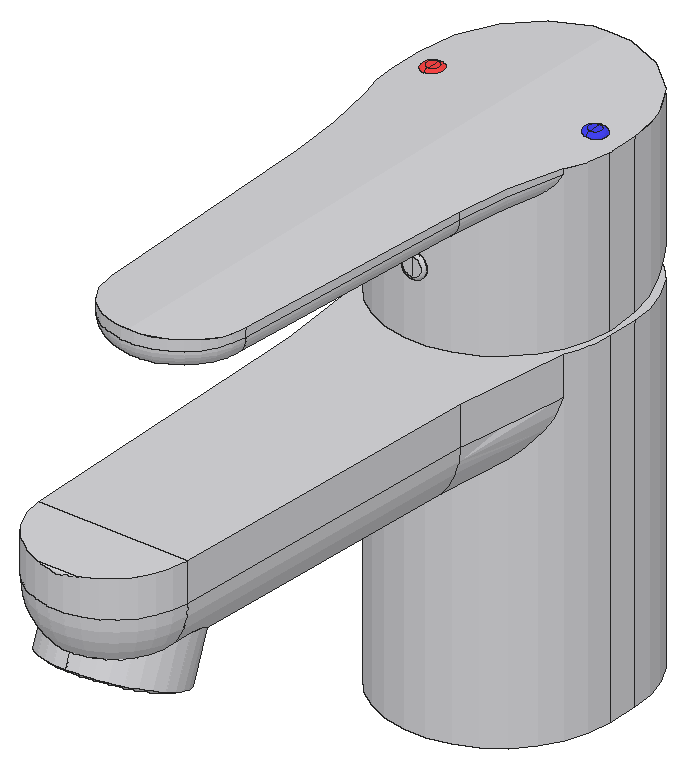
Revit family "Faucet-Lavatory-KOHLER-July-K-16027BR_1", category Plumbing Fixtures, host Face, Revit 2017
Family settings
  Host = Face
  Round Connector Dimension = Use Diameter
  Part Type = Normal
  OmniClass Number = 23.31.11.00
  Cut with Voids When Loaded = No
  Shared = No
  Room Calculation Point = No
Parameters (values of type "CP-Polished Chrome")
  Width = 1 7/8"  # constant formula
  WaterSense Certified = 1 = 0  # no
  Waste Water Outlet = "Waste Water Outlet"  # constant formula
  Waste Connection = 1 = 0  # no
  Vent Connection = 1 = 0  # no
  URL = "https://br.kohler.com/"
  Type = 1
  Spout Reach = 4 11/32"  # constant formula
  Product Page URL = "https://br.kohler.com/product-detail/16027br-4nd?skuid=K-16027BR-4ND-CP"
  Product Name = "July"  # constant formula
  Product Documentation Link = "http://resources.kohler.com/plumbing/kohlerbrazil/pdf/K-16027BR-4ND_spec_br.pdf"
  Pressure = 0.00 psi
  Model = "K-16027BR-4ND-CP"  # constant formula
  Material = "Premium Metal Construction"  # constant formula
  Master Format 2014 Name = "Residential Faucets, Supplies, and Trim"  # constant formula
  Master Format 2014 = "22 41 39"  # constant formula
  Manufacturer Address = "Rio de Janeiro MULTIREPAROS RUA BATISTA DA COSTA, Nº 352 | STORE B Rio de Janeiro SÃO GONÇALO 24450-470"  # constant formula
  Manufacturer = "KOHLER Co."  # constant formula
  Length = Spout Reach  # 4 11/32"
  Hot Water Inlet = "Hot Water Inlet"  # constant formula
  Height = 4 125/256"  # constant formula
  Handle Clearance = 4 11/64"  # constant formula
  HW Connection = 1 = 1  # yes
  Flow Rate = 0 GPM
  Finish = Kohler-Metal-CP-Polished_Chrome
  Environmental Product Declaration = ""
  Drain Included = 1 = 0  # no
  Description = "Countertop mixer tap"  # constant formula
  Default Elevation = 36"
  Declare Label = ""
  Date Modified = "08/27/2020"  # constant formula
  Date Created = "08/27/2020"  # constant formula
  Copyright = "Copyright KOHLER Co."  # constant formula
  Contact Us = "https://br.kohler.com/asr-listing"
  Cold Water Inlet = "Cold Water Inlet"  # constant formula
  CW Connection = 1 = 1  # yes
  Assembly Code = "D2010"
  ADA Compliant = 1 = 0  # no
Reference planes
  plane 1 "Center (Front/Back)": y = 0
  plane 2: z = 0
  plane 3 "Center (Left/Right)": x = 0
  plane 4: y = 27.384
  plane 5: y = -27.384
  plane 6: y = -110.331
  plane 7: x = 23.813
  plane 8: x = -23.812
  plane 9: z = 114.002
  plane 10: z = 48.913
  plane 11: y = -105.966
  plane 12: y = -125.787
  plane 13: x = -12.299
  plane 14: x = 12.299
  plane 15: z = 76.103
Dimensions and locks
  "Width": plane 8 to plane 7
  "Length": plane 6 to plane 1 "Center (Front/Back)"
  "Spout Reach": plane 1 "Center (Front/Back)" to plane 6
  "Handle Clearance": plane 11 to plane 1 "Center (Front/Back)"
  "Height": plane 9 to level
  plane 10 to level = 1.92569"
  aligned and locked: plane 2 to host face
  aligned and locked: level to host face
  aligned and locked: level to nested 1
Automatic sketch dimensions
  host sketch curve to host sketch curve = 96"  (x2)
Nested families
  nested 1: "K-16027BR" at (0, 0, -24.906), type "K-16027BR"
Connectors
  piping at (-12.299, 0, 0), diameter 12.7, driven by "Flow Rate", driven by "Pressure", driven by "HW Connection", driven by "Hot Water Inlet"
    settings: on nested 1, index 1, connector inside diameter 24", connector length 0", flow factor 0, pipe flow 0 GPM, pressure drop 0.00 psi, fitting loss kfactor 0, connector angle 0.00°, fixture units 0, engagement length 0", angle of deflection 0.00°, flow configuration 0, flow direction 1, fitting loss method 0, system type 19, joint type 0, gender type 0, connector reference index -1, connector utility 1, adjustable connector no, is connector primary yes, connector description "Hot Water Inlet"
  piping at (12.299, 0, 0), diameter 12.7, driven by "Flow Rate", driven by "Pressure", driven by "CW Connection", driven by "Cold Water Inlet"
    settings: on nested 1, index 2, connector inside diameter 24", connector length 0", flow factor 0, pipe flow 0 GPM, pressure drop 0.00 psi, fitting loss kfactor 0, connector angle 0.00°, fixture units 0, engagement length 0", angle of deflection 0.00°, flow configuration 0, flow direction 1, fitting loss method 0, system type 20, joint type 0, gender type 0, connector reference index -1, connector utility 1, adjustable connector no, is connector primary no, connector description "Cold Water Inlet"
Definition of nested family "K-16027BR"
  Parameters (values of type "K-16027BR")
    Material = none
  Reference planes
    plane 1 "Center (Front/Back)": y = 0
    plane 2: z = 0
    plane 3 "Center (Left/Right)": x = 0
    plane 4: y = -110.331
    plane 5: z = 138.906
    plane 6: x = 23.813
    plane 7: x = -23.812
    plane 8: z = 73.819
    plane 9: y = 27.384
    plane 10: y = -27.384
    plane 11: x = -12.299
    plane 12: z = 24.906
  Forms (mm)
    Revolve 1, solid, material <- "Material", detail levels medium+fine
      sketch origin (0, 0, 23.222) x (0, -1, 0) y (0, 0, 1)
        loop
          line (-24.939, 77.285) -> (-4.621, 77.285) -> (-4.621, 90.161) -> (-21.389, 90.161) -> (-22.393, 88.151)
          arc (-22.393, 88.151) -> (-24.028, 83.868) -> (-24.795, 79.349) r 23.355
          line (-24.795, 79.349) -> (-24.939, 77.285)
        axis (-4.621, 90.161) -> (-4.621, 77.285)
      angle from 0 to 360
    Extrusion 2, void
      sketch origin (0, -0.397, 23.123) x (0, -1, 0) y (0, 0, 1)
        loop
          line (-29.496, 90.459) -> (-29.496, 77.886) -> (28.588, 77.886) -> (28.588, 78.938) -> (2.454, 78.938)
          arc (2.454, 78.938) -> (-4.618, 79.713) -> (-11.356, 82) r 32.677
          line (-11.356, 82) -> (-29.496, 90.459)
        loop
          arc (109.603, 77.886) -> (117.194, 77.705) -> (124.767, 77.162) r 159.131
          arc (124.767, 77.162) -> (125.211, 76.94) -> (125.39, 76.477) r 0.688
          line (125.39, 76.477) -> (125.39, 73.176) -> (130.39, 73.176) -> (130.39, 83.176) -> (104.292, 83.176) -> (104.292, 77.886) -> (109.603, 77.886)
      from -33.139 to 33.857
    Extrusion 3, solid, material <- "Material", detail levels medium+fine
      sketch origin (0, 0, 0) x (0, -1, 0) y (1, 0, 0)
        loop
          line (3.521, 23.812) -> (-3.521, 23.812)
          arc (-3.521, 23.812) -> (-27.333, 0) -> (-3.521, -23.812) r 23.812
          line (-3.521, -23.812) -> (3.521, -23.812)
          arc (3.521, -23.812) -> (27.333, 0) -> (3.521, 23.812) r 23.812
      from 24.906 to 147.259
    Extrusion 4, solid, material <- "Material", detail levels medium+fine
      sketch origin (0, 0.794, 23.222) x (0, -1, 0) y (1, 0, 0)
        loop
          arc (37.997, 17.721) -> (23.802, 19.408) -> (9.941, 22.898) r 111.483
          arc (9.941, 22.898) -> (26.636, 0) -> (9.941, -22.898) r 24.05
          arc (9.941, -22.898) -> (23.802, -19.408) -> (37.997, -17.721) r 111.483
          line (37.997, -17.721) -> (92.775, -14.752)
          arc (92.775, -14.752) -> (106.749, 0) -> (92.775, 14.752) r 14.774
          line (92.775, 14.752) -> (37.997, 17.721)
      from 108.702 to 124.036
    Sweep 5, void
      path origin (0, 0.794, 23.222) x (0, -1, 0) y (1, 0, 0)
        loop
          arc (14.418, -21.563) -> (26.104, -19.009) -> (37.997, -17.721) r 111.483
          line (37.997, -17.721) -> (92.775, -14.752)
          arc (92.775, -14.752) -> (106.749, 0) -> (92.775, 14.752) r 14.774
          line (92.775, 14.752) -> (37.997, 17.721)
          arc (37.997, 17.721) -> (26.104, 19.009) -> (14.418, 21.563) r 111.483
      profile origin (0, -105.955, 23.222) x (0, 1, 0) y (0, 0, 1)
        loop
          arc (4.484, 108.702) -> (1.313, 110.015) -> (0, 113.186) r 4.484
          line (0, 113.186) -> (0, 114.113) -> (-1.686, 114.113) -> (-1.686, 106.545) -> (6.287, 106.545) -> (6.287, 108.702) -> (4.484, 108.702)
    Sweep 6, solid, material <- "Material", detail levels medium+fine
      path origin (0, 0, 0) x (0, -1, 0) y (1, 0, 0)
        loop
          arc (8.812, 22.547) -> (23.465, 20.002) -> (38.289, 18.809) r 162.178
          line (38.289, 18.809) -> (110, 16.339)
          arc (110, 16.339) -> (125.786, 0) -> (110, -16.339) r 16.349
          line (110, -16.339) -> (38.289, -18.809)
          arc (38.289, -18.809) -> (23.465, -20.002) -> (8.812, -22.547) r 162.178
      profile origin (0, -125.786, 0) x (0, -1, 0) y (0, 0, 1)
        loop
          arc (-15, 77.494) -> (-4.393, 81.888) -> (0, 92.494) r 15
          line (0, 92.494) -> (0, 101.009) -> (-15.89, 101.009) -> (-15.89, 77.494) -> (-15, 77.494)
    Revolve 7, solid, material <- "Material", detail levels medium+fine
      sketch origin (0, 0, 0) x (0, -1, 0) y (0, 0, 1)
        loop
          line (97.073, 69.052) -> (97.858, 69.369)
          arc (97.858, 69.369) -> (98.151, 69.07) -> (98.569, 69.067) r 0.547
          line (98.569, 69.067) -> (100.171, 69.714) -> (99.604, 71.119) -> (109.764, 75.224) -> (105.838, 84.94) -> (92.784, 79.666) -> (97.073, 69.052)
        axis (105.838, 84.94) -> (110.331, 73.819)
      angle from 0 to 360
    Extrusion 8, solid, material <- "Material", detail levels coarse
      sketch origin (0, 0, 0) x (0, -1, 0) y (1, 0, 0)
        loop
          arc (-3.521, 23.812) -> (-27.333, 0) -> (-3.521, -23.812) r 23.812
          line (-3.521, -23.812) -> (3.521, -23.812)
          arc (3.521, -23.812) -> (27.333, 0) -> (3.521, 23.812) r 23.812
          line (3.521, 23.812) -> (-3.521, 23.812)
      from 24.906 to 138.906
    Extrusion 9, solid, material <- "Material", detail levels coarse
      sketch origin (0, 0, 0) x (0, -1, 0) y (1, 0, 0)
        loop
          line (93.526, 14.752) -> (9.926, 19.284) -> (9.926, -19.284) -> (93.526, -14.752)
          arc (93.526, -14.752) -> (107.5, 0) -> (93.526, 14.752) r 14.774
      from 131.924 to 138.906
    Extrusion 10, solid, material <- "Material", detail levels coarse
      sketch origin (0, 0, 0) x (0, -1, 0) y (1, 0, 0)
        loop
          line (101.314, 16.339) -> (8.487, 19.536) -> (8.487, -19.536) -> (101.314, -16.339)
          arc (101.314, -16.339) -> (117.101, 0) -> (101.314, 16.339) r 16.349
      from 77.494 to 101.009
    Extrusion 11, solid, material <- "Material", detail levels medium+fine
      sketch origin (0, 0, 0) x (0, -1, 0) y (1, 0, 0)
        loop
          arc (37.742, 2.928) -> (21.466, 4.238) -> (5.377, 7.033) r 178.068
          line (5.377, 7.033) -> (5.377, -7.033)
          arc (5.377, -7.033) -> (21.466, -4.238) -> (37.742, -2.928) r 178.068
          line (37.742, -2.928) -> (109.453, -0.459)
          arc (109.453, -0.459) -> (109.896, 0) -> (109.453, 0.459) r 0.459
          line (109.453, 0.459) -> (37.742, 2.928)
      from 77.494 to 101.009
    Extrusion 12, void
      sketch origin (0, 0, 0) x (1, 0, 0) y (0, 0, 1)
        loop
          line (32.225, 157.927) -> (-32.225, 157.927) -> (-32.225, 135.739)
          arc (-32.225, 135.739) -> (0, 138.906) -> (32.225, 135.739) r 165.503
          line (32.225, 135.739) -> (32.225, 157.927)
      from -36.886 to 109.17
    Revolve 13, solid
      sketch origin (17.798, 0, 0) x (0, -1, 0) y (0, 0, 1)
        loop
          line (0, 138.267) -> (-1.454, 138.267)
          arc (-1.454, 138.267) -> (-2.152, 137.977) -> (-2.441, 137.279) r 0.988
          line (-2.441, 137.279) -> (-2.441, 135.977) -> (0, 135.977) -> (0, 138.267)
        axis (0, 138.267) -> (0, 135.977)
      angle from 0 to 360
    Revolve 14, solid
      sketch origin (-17.798, 0, 0) x (0, -1, 0) y (0, 0, -1)
        loop
          line (0, -138.267) -> (0, -135.977) -> (-2.441, -135.977) -> (-2.441, -137.279)
          arc (-2.441, -137.279) -> (-2.152, -137.977) -> (-1.454, -138.267) r 0.988
          line (-1.454, -138.267) -> (0, -138.267)
        axis (0, -138.267) -> (0, -135.977)
      angle from 0 to 360
    Extrusion 15, solid, material <- "Material", detail levels medium+fine
      sketch origin (0, 0, 0) x (1, 0, 0) y (0, 1, 0)
        loop
          circle (-12.299, 0) r 6.35
        loop
          circle (12.299, 0) r 6.35
      from 24.906 to 27.843
    Revolve 16, solid, material <- "Material", detail levels medium+fine
      sketch origin (0, 0, 4.375) x (0, 1, 0) y (0, 0, 1)
        loop
          line (-27.948, 112.687) -> (-26.53, 112.687) -> (-26.53, 115.38) -> (-27.327, 115.38)
          arc (-27.327, 115.38) -> (-27.766, 115.198) -> (-27.948, 114.759) r 0.621
          line (-27.948, 114.759) -> (-27.948, 112.687)
        axis (-27.948, 112.687) -> (-26.53, 112.687)
      angle from 0 to 360
  Cuts and joins
    Extrusion 12 cuts Extrusion 8
    Extrusion 12 cuts Extrusion 9
    joined: Extrusion 8, Extrusion 9, Extrusion 10
    Extrusion 2, Extrusion 12 cuts Extrusion 3
    Sweep 5, Extrusion 12 cuts Extrusion 4
    Extrusion 2 cuts Sweep 6
    joined: Revolve 1, Extrusion 3, Extrusion 4, Sweep 6, Revolve 7, Extrusion 11
  Lines and regions (mm)
    Masking region 1
      outline origin (0, 0, 0) x (1, 0, 0) y (0, 0, 1)
        loop
          line (-23.812, 24.906) -> (23.813, 24.906) -> (23.813, 99.009)
          arc (23.813, 99.009) -> (23.227, 100.424) -> (21.813, 101.009) r 2
          line (21.813, 101.009) -> (19.465, 101.009) -> (19.465, 102.687) -> (21.813, 102.687)
          arc (21.813, 102.687) -> (23.227, 103.272) -> (23.813, 104.687) r 2
          line (23.813, 104.687) -> (23.813, 135.881)
          arc (23.813, 135.881) -> (23.443, 136.867) -> (22.517, 137.367) r 1.5
          arc (22.517, 137.367) -> (21.349, 137.524) -> (20.18, 137.671) r 165.503
          arc (20.18, 137.671) -> (19.784, 138.109) -> (19.218, 138.271) r 1.071
          line (19.218, 138.271) -> (16.709, 138.271)
          arc (16.709, 138.271) -> (16.312, 138.238) -> (15.927, 138.138) r 2.366
          arc (15.927, 138.138) -> (7.973, 138.714) -> (0, 138.906) r 165.503
          arc (0, 138.906) -> (-7.973, 138.714) -> (-15.927, 138.138) r 165.503
          arc (-15.927, 138.138) -> (-16.312, 138.238) -> (-16.709, 138.271) r 2.366
          line (-16.709, 138.271) -> (-19.218, 138.271)
          arc (-19.218, 138.271) -> (-19.784, 138.109) -> (-20.18, 137.671) r 1.071
          arc (-20.18, 137.671) -> (-21.349, 137.524) -> (-22.517, 137.367) r 165.503
          arc (-22.517, 137.367) -> (-23.443, 136.867) -> (-23.812, 135.881) r 1.5
          line (-23.812, 135.881) -> (-23.812, 104.711)
          arc (-23.812, 104.711) -> (-23.22, 103.279) -> (-21.789, 102.687) r 2.024
          line (-21.789, 102.687) -> (-19.465, 102.687) -> (-19.465, 101.009) -> (-21.812, 101.009)
          arc (-21.812, 101.009) -> (-23.227, 100.424) -> (-23.812, 99.009) r 2
          line (-23.812, 99.009) -> (-23.812, 24.906)
    Masking region 2
      outline origin (0, 0, 0) x (0, 1, 0) y (0, 0, 1)
        loop
          line (27.384, 24.906) -> (27.384, 99.503)
          arc (27.384, 99.503) -> (26.943, 100.568) -> (25.878, 101.009) r 1.506
          line (25.878, 101.009) -> (24.902, 101.009)
          arc (24.902, 101.009) -> (24.227, 106.188) -> (22.38, 111.074) r 22.589
          line (22.38, 111.074) -> (26.465, 112.979)
          arc (26.465, 112.979) -> (27.135, 113.566) -> (27.384, 114.422) r 1.592
          line (27.384, 114.422) -> (27.384, 137.37)
          arc (27.384, 137.37) -> (27.214, 137.828) -> (26.785, 138.063) r 0.7
          arc (26.785, 138.063) -> (20.933, 138.695) -> (15.051, 138.906) r 82.018
          line (15.051, 138.906) -> (-95, 138.906)
          arc (-95, 138.906) -> (-100.193, 138.704) -> (-105.355, 138.1) r 66.875
          arc (-105.355, 138.1) -> (-105.785, 137.86) -> (-105.955, 137.398) r 0.71
          line (-105.955, 137.398) -> (-105.955, 136.339)
          arc (-105.955, 136.339) -> (-105.34, 134.247) -> (-103.69, 132.821) r 3.864
          arc (-103.69, 132.821) -> (-97.393, 131.167) -> (-90.905, 131.703) r 19.276
          arc (-90.905, 131.703) -> (-90.039, 131.869) -> (-89.16, 131.924) r 6.99
          line (-89.16, 131.924) -> (-38.384, 131.924)
          arc (-38.384, 131.924) -> (-30.689, 128.785) -> (-27.387, 121.159) r 11
          line (-27.387, 121.159) -> (-27.387, 119.753)
          arc (-27.387, 119.753) -> (-27.787, 119.552) -> (-27.948, 119.134) r 0.621
          line (-27.948, 119.134) -> (-27.948, 114.989)
          arc (-27.948, 114.989) -> (-27.786, 114.571) -> (-27.384, 114.37) r 0.621
          line (-27.384, 114.37) -> (-27.384, 104.187)
          arc (-27.384, 104.187) -> (-26.945, 103.126) -> (-25.884, 102.687) r 1.5
          line (-25.884, 102.687) -> (-20.187, 102.687) -> (-20.187, 101.009) -> (-110, 101.009)
          arc (-110, 101.009) -> (-117.591, 100.828) -> (-125.164, 100.285) r 159.131
          arc (-125.164, 100.285) -> (-125.608, 100.063) -> (-125.786, 99.6) r 0.688
          line (-125.786, 99.6) -> (-125.786, 92.494)
          arc (-125.786, 92.494) -> (-124.985, 87.656) -> (-122.665, 83.334) r 15
          line (-122.665, 83.334) -> (-123.118, 82.212) -> (-122.391, 81.918) -> (-123.307, 79.651) -> (-122.395, 79.283)
          arc (-122.395, 79.283) -> (-122.392, 78.864) -> (-122.093, 78.571) r 0.547
          line (-122.093, 78.571) -> (-98.569, 69.067)
          arc (-98.569, 69.067) -> (-98.151, 69.07) -> (-97.858, 69.369) r 0.547
          line (-97.858, 69.369) -> (-96.946, 69) -> (-96.03, 71.267) -> (-95.303, 70.973) -> (-92.668, 77.494) -> (-41.384, 77.494)
          arc (-41.384, 77.494) -> (-31.485, 73.394) -> (-27.384, 63.494) r 14
          line (-27.384, 63.494) -> (-27.384, 24.906) -> (27.384, 24.906)
    Masking region 3
      outline origin (0, 0, 0) x (1, 0, 0) y (0, 1, 0)
        loop
          line (-23.812, 3.521) -> (-23.812, -3.521)
          arc (-23.812, -3.521) -> (-23.577, -6.86) -> (-22.876, -10.133) r 23.812
          arc (-22.876, -10.133) -> (-20.884, -18.364) -> (-19.62, -26.737) r 96.512
          arc (-19.62, -26.737) -> (-19.112, -32.506) -> (-18.809, -38.289) r 162.178
          line (-18.809, -38.289) -> (-16.339, -110)
          arc (-16.339, -110) -> (0, -125.787) -> (16.339, -110) r 16.349
          line (16.339, -110) -> (18.809, -38.289)
          arc (18.809, -38.289) -> (19.112, -32.506) -> (19.62, -26.737) r 162.178
          arc (19.62, -26.737) -> (20.884, -18.364) -> (22.876, -10.133) r 96.512
          arc (22.876, -10.133) -> (23.577, -6.86) -> (23.813, -3.521) r 23.812
          line (23.813, -3.521) -> (23.813, 3.521)
          arc (23.813, 3.521) -> (16.841, 20.377) -> (0, 27.384) r 23.864
          arc (0, 27.384) -> (-16.841, 20.377) -> (-23.812, 3.521) r 23.864
    symbolic lines, detail levels medium+fine
      curve 1: spline (0, 0, 69.714) -> (-2.836, 0, 69.854) -> (-5.479, 0, 70.264) -> (-7.748, 0, 70.916) -> (-9.49, 0, 71.766) -> (-10.584, 0, 72.756) -> (-10.958, 0, 73.819) -> (-10.584, 0, 74.881) -> (-9.49, 0, 75.871) -> (-7.748, 0, 76.721) -> (-5.479, 0, 77.374) -> (-2.836, 0, 77.784) -> (0, 0, 77.924)
      curve 2: spline (0, 0, 68.707) -> (-3.882, 0, 68.898) -> (-7.5, 0, 69.459) -> (-10.607, 0, 70.352) -> (-12.99, 0, 71.516) -> (-14.489, 0, 72.871) -> (-15, 0, 74.326) -> (-14.489, 0, 75.78) -> (-12.99, 0, 77.135) -> (-10.607, 0, 78.299) -> (-7.5, 0, 79.192) -> (-3.882, 0, 79.753) -> (0, 0, 79.945)
      curve 3: spline (0, 0, 69.369) -> (-3.425, 0, 69.538) -> (-6.616, 0, 70.033) -> (-9.357, 0, 70.821) -> (-11.46, 0, 71.847) -> (-12.782, 0, 73.043) -> (-13.232, 0, 74.326) -> (-12.782, 0, 75.609) -> (-11.46, 0, 76.804) -> (-9.357, 0, 77.831) -> (-6.616, 0, 78.619) -> (-3.425, 0, 79.114) -> (0, 0, 79.283)
      curve 4: spline (0, 0, 71.119) -> (-1.274, 0, 71.147) -> (-2.532, 0, 71.23) -> (-3.754, 0, 71.368) -> (-4.926, 0, 71.557) -> (-6.031, 0, 71.797) -> (-7.054, 0, 72.083) -> (-7.981, 0, 72.411) -> (-8.8, 0, 72.778) -> (-9.5, 0, 73.178) -> (-10.071, 0, 73.606) -> (-10.505, 0, 74.056) -> (-10.796, 0, 74.521)
      curve 5: spline (0, 0, 69.714) -> (2.836, 0, 69.854) -> (5.479, 0, 70.264) -> (7.748, 0, 70.916) -> (9.49, 0, 71.766) -> (10.584, 0, 72.756) -> (10.958, 0, 73.819) -> (10.584, 0, 74.881) -> (9.49, 0, 75.871) -> (7.748, 0, 76.721) -> (5.479, 0, 77.374) -> (2.836, 0, 77.784) -> (0, 0, 77.924)
      curve 6: spline (0, 0, 68.707) -> (3.882, 0, 68.898) -> (7.5, 0, 69.459) -> (10.607, 0, 70.352) -> (12.99, 0, 71.516) -> (14.489, 0, 72.871) -> (15, 0, 74.326) -> (14.489, 0, 75.78) -> (12.99, 0, 77.135) -> (10.607, 0, 78.299) -> (7.5, 0, 79.192) -> (3.882, 0, 79.753) -> (0, 0, 79.945)
      curve 7: spline (0, 0, 69.369) -> (3.425, 0, 69.538) -> (6.616, 0, 70.033) -> (9.357, 0, 70.821) -> (11.46, 0, 71.847) -> (12.782, 0, 73.043) -> (13.232, 0, 74.326) -> (12.782, 0, 75.609) -> (11.46, 0, 76.804) -> (9.357, 0, 77.831) -> (6.616, 0, 78.619) -> (3.425, 0, 79.114) -> (0, 0, 79.283)
      curve 8: spline (0, 0, 71.119) -> (1.274, 0, 71.147) -> (2.532, 0, 71.23) -> (3.754, 0, 71.368) -> (4.926, 0, 71.557) -> (6.031, 0, 71.797) -> (7.054, 0, 72.083) -> (7.981, 0, 72.411) -> (8.8, 0, 72.778) -> (9.5, 0, 73.178) -> (10.071, 0, 73.606) -> (10.505, 0, 74.056) -> (10.796, 0, 74.521)
      curve 9: arc (-15, 0, 80.775) -> (-17.768, 0, 84.753) -> (-18.743, 0, 89.501) r 12.042
      curve 10: line (-18.743, 0, 89.501) -> (-18.743, 0, 101.009)
      curve 11: line (-19.465, 0, 101.009) -> (19.465, 0, 101.009)
      curve 12: line (-15, 0, 74.326) -> (-15, 0, 81.452)
      curve 13: spline (-15, 0, 81.452) -> (-14.872, 0, 82.185) -> (-14.489, 0, 82.906) -> (-13.858, 0, 83.602) -> (-12.99, 0, 84.261) -> (-11.9, 0, 84.872) -> (-10.607, 0, 85.425) -> (-9.131, 0, 85.91) -> (-7.5, 0, 86.318) -> (-5.74, 0, 86.643) -> (-3.882, 0, 86.879) -> (-1.958, 0, 87.023) -> (0, 0, 87.071)
      curve 14: arc (15, 0, 80.775) -> (17.768, 0, 84.753) -> (18.743, 0, 89.501) r 12.042
      curve 15: line (18.743, 0, 89.501) -> (18.743, 0, 101.009)
      curve 16: line (15, 0, 74.326) -> (15, 0, 81.452)
      curve 17: spline (15, 0, 81.452) -> (14.872, 0, 82.185) -> (14.489, 0, 82.906) -> (13.858, 0, 83.602) -> (12.99, 0, 84.261) -> (11.9, 0, 84.872) -> (10.607, 0, 85.425) -> (9.131, 0, 85.91) -> (7.5, 0, 86.318) -> (5.74, 0, 86.643) -> (3.882, 0, 86.879) -> (1.958, 0, 87.023) -> (0, 0, 87.071)
      curve 18: line (19.465, 0, 102.687) -> (-19.465, 0, 102.687)
      curve 19: line (-8.223, 0, 83.279) -> (-8.223, 0, 79.025)
      curve 20: line (8.223, 0, 83.279) -> (8.223, 0, 79.025)
      curve 21: arc (-8.223, 0, 83.279) -> (0, 0, 84.429) -> (8.223, 0, 83.279) r 29.968
      curve 22: line (0, 22.38, 111.074) -> (0, 10.959, 105.748)
      curve 23: arc (0, -2.851, 102.687) -> (0, 4.221, 103.461) -> (0, 10.959, 105.748) r 32.677
      curve 24: line (0, -2.851, 102.687) -> (0, -20.187, 102.687)
      curve 25: line (0, 24.902, 101.009) -> (0, -20.187, 101.009)
      curve 26: arc (0, -104.064, 79.272) -> (0, -98.304, 77.941) -> (0, -92.41, 77.494) r 39.085
      curve 27: arc (-14.752, -91.981, 0) -> (0, -105.955, 0) -> (14.752, -91.981, 0) r 14.774
      curve 28: line (-17.721, -37.203, 0) -> (-14.752, -91.981, 0)
      curve 29: arc (-23.512, -7.29, 0) -> (-19.59, -22.048, 0) -> (-17.721, -37.203, 0) r 111.483
      curve 30: line (17.721, -37.203, 0) -> (14.752, -91.981, 0)
      curve 31: arc (23.512, -7.29, 0) -> (19.59, -22.048, 0) -> (17.721, -37.203, 0) r 111.483
      curve 32: circle (-17.798, 0, 0) r 2.441 normal (0, 0, 1)
      curve 33: circle (17.798, 0, 0) r 2.441 normal (0, 0, -1)
      curve 34: line (0, -97.858, 69.369) -> (0, -122.395, 79.283)
      curve 35: arc (0, -122.665, 83.334) -> (0, -113.275, 81.712) -> (0, -104.064, 79.272) r 108.604
      curve 36: line (-15.64, 0, 131.924) -> (15.64, 0, 131.924)
      curve 37: arc (-21.563, 0, 136.408) -> (-19.355, 0, 133.172) -> (-15.64, 0, 131.924) r 6.153
      curve 38: arc (21.563, 0, 136.408) -> (19.355, 0, 133.172) -> (15.64, 0, 131.924) r 6.153
      curve 39: arc (-20.18, 0, 137.671) -> (-18.055, 0, 137.919) -> (-15.927, 0, 138.138) r 165.503
      curve 40: arc (20.18, 0, 137.671) -> (18.055, 0, 137.919) -> (15.927, 0, 138.138) r 165.503
      curve 41: line (0, -27.387, 119.753) -> (0, -27.384, 114.37)
      curve 42: circle (0, 0, 117.062) r 2.694 normal (0, -1, 0)
      curve 43: arc (-21.349, 0, 137.524) -> (-21.587, 0, 136.991) -> (-21.563, 0, 136.408) r 1.268
      curve 44: arc (21.349, 0, 137.524) -> (21.587, 0, 136.991) -> (21.563, 0, 136.408) r 1.268
      curve 45: arc (-18.22, 0, 137.082) -> (-16.132, 0, 133.388) -> (-12.148, 0, 131.924) r 6.153
      curve 46: arc (-17.721, 0, 137.955) -> (-18.125, 0, 137.607) -> (-18.22, 0, 137.082) r 0.797
      curve 47: arc (18.22, 0, 137.082) -> (16.132, 0, 133.388) -> (12.148, 0, 131.924) r 6.153
      curve 48: arc (17.721, 0, 137.955) -> (18.125, 0, 137.607) -> (18.22, 0, 137.082) r 0.797
  Dimensions and locks
    plane 1 "Center (Front/Back)" to plane 4 = 4 11/32"
    plane 7 to plane 6 = 1 7/8"
    plane 4 to plane 1 "Center (Front/Back)" = 4 11/32"
    plane 5 to plane 12 = 4.48819"
    plane 8 to plane 12 = 1.92569"
    aligned and locked: plane 2 to level
